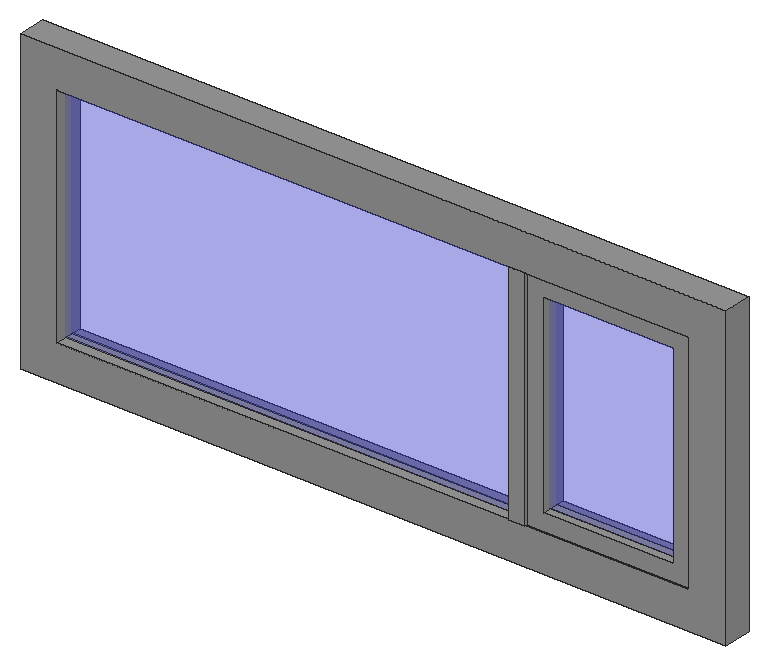
Revit family "Family20", category Windows, host Wall, Revit 2018
Family settings
  Host = Wall
  OmniClass Number = 23.30.20.00
  OmniClass Title = Windows
  Always vertical = Yes
  Cut with Voids When Loaded = No
  Shared = No
  Room Calculation Point = No
Parameters
  Window Frame = White
  Visual Light Transmittance = 0.81
  URL = "www.skywardwindows.co.za"
  Thermal Resistance (R) = 0.3196 (m²·K)/W
  Telephone = "021 276 1800"
  Solar Heat Gain Coefficient = 0.76
  Manufacturer = "Skyward Windows"
  Height = 890 mm
  Heat Transfer Coefficient (U) = 3.1292 W/(m²·K)
  Glass Thickness = 4 mm
  Glass = Glass
  Frame Width = 46.195 mm
  Email Address = "info@skywardwindows.co.za"
  Default Sill Height = 800 mm
  Wall Closure = By host
  Width = 2090 mm
  Company Address = "Charles Matthews Street Atlantis 7349"
  Analytic Construction = "Double glazing - domestic"
Reference planes
  plane 1 "Center (Front/Back)": y = 0
  plane 2 "Center (Left/Right)": x = 0
  plane 3 "Left": x = -1045
  plane 4 "Right": x = 1045
  plane 5 "Sill": z = 800
  plane 6 "Head": z = 1690
  plane 7 "Exterior": y = 100
  plane 8 "Interior": y = -100
Forms (mm)
  Extrusion 1, solid, material "White" <- "Window Frame"
    sketch origin (0, -100, 0) x (1, 0, 0) y (0, 0, 1)
      loop
        line (-1045, 1690) -> (-1045, 800) -> (1045, 800) -> (1045, 1690) -> (-1045, 1690)
      loop
        line (-936, 909) -> (936, 909) -> (936, 1581) -> (-936, 1581) -> (-936, 909)
    from -142 to -58
  Extrusion 2, solid, material "White" <- "Window Frame"
    sketch origin (0, -100, 0) x (1, 0, 0) y (0, 0, 1)
      loop
        line (450, 1581) -> (450, 909) -> (936, 909) -> (936, 1581) -> (450, 1581)
      loop
        line (500, 1531) -> (500, 959) -> (886, 959) -> (886, 1531) -> (500, 1531)
    from -134.904 to -64.489
  Extrusion 3, solid, material "White" <- "Window Frame"
    sketch origin (150, -100, 0) x (1, 0, 0) y (0, 0, 1)
      loop
        line (300, 1581) -> (253.805, 1581) -> (253.805, 909) -> (300, 909) -> (300, 1581)
    from -142 to -58
  Extrusion 4, solid, material "Glass" <- "Glass"
    sketch origin (0, 0, 0) x (1, 0, 0) y (0, 1, 0)
      loop
        line (-936, 14) -> (-936, 10) -> (403.805, 10) -> (403.805, 14) -> (-936, 14)
      loop
        line (403.805, -14) -> (403.805, -10) -> (-936, -10) -> (-936, -14) -> (403.805, -14)
    from 909 to 1581
  Extrusion 5, solid, material "Glass" <- "Glass"
    sketch origin (0, 0, 0) x (1, 0, 0) y (0, 1, 0)
      loop
        line (500, 14) -> (500, 10) -> (886, 10) -> (886, 14) -> (500, 14)
      loop
        line (886, -14) -> (886, -10) -> (500, -10) -> (500, -14) -> (886, -14)
    from 959 to 1531
Lines and regions (mm)
  Opening 1
    outline origin (3500, -100, 0) x (1, 0, 0) y (0, 0, 1)
      loop
        line (-2455, 800) -> (-2455, 1690) -> (-4545, 1690) -> (-4545, 800) -> (-2455, 800)
Text (mm)
  text "EXTERIOR" at (-1963.203, 1332.353, 0), in view "Ref. Level"
  text "INTERIOR" at (-1981.466, -818.386, 0), in view "Ref. Level"
  text "Exterior" at (0, 923.751, 2943.296), in view "Right"
  text "Exterior" at (0, 1040.484, 2685.409), in view "Left"
Dimensions and locks
  equal spacing: plane 3 "Left", plane 2 "Center (Left/Right)", plane 4 "Right"
  "Width": plane 3 "Left" to plane 4 "Right"
  "Height": plane 5 "Sill" to plane 6 "Head"
  "Default Sill Height": plane 5 "Sill" to level
  locked: plane 7 "Exterior" to host wall at 0
  locked: plane 8 "Interior" to host wall
  "Glass Thickness": Extrusion 4 to Extrusion 4
  "Glass Thickness": Extrusion 5 to Extrusion 5
  aligned and locked: Extrusion 1 sketch curve to host wall  (x4)
Automatic sketch dimensions
  Opening 1 sketch curve to plane 3 "Left" = 0 mm
  Opening 1 sketch curve to plane 4 "Right" = 0 mm
  Opening 1 sketch curve to plane 5 "Sill" = 0 mm
  Opening 1 sketch curve to plane 6 "Head" = 0 mm
  Extrusion 1 sketch curve to plane 3 "Left" = 109 mm
  plane 4 "Right" to Extrusion 1 sketch curve = 109 mm
  Extrusion 1 sketch curve to plane 5 "Sill" = 109 mm
  plane 6 "Head" to Extrusion 1 sketch curve = 109 mm
  Extrusion 2 sketch curve to plane 5 "Sill" = 109 mm
  Extrusion 2 sketch curve to plane 2 "Center (Left/Right)" = 450 mm
  Extrusion 2 sketch curve to Extrusion 2 sketch curve = 50 mm  (x4)
  plane 4 "Right" to Extrusion 2 sketch curve = 159 mm
  plane 6 "Head" to Extrusion 2 sketch curve = 159 mm
  Extrusion 3 sketch curve to Extrusion 3 sketch curve = 46.195 mm
  Extrusion 3 sketch curve to plane 5 "Sill" = 109 mm
  plane 6 "Head" to Extrusion 3 sketch curve = 109 mm
  Extrusion 3 sketch curve to plane 2 "Center (Left/Right)" = 403.805 mm
  Extrusion 4 sketch curve to host wall = 14 mm
  Extrusion 4 sketch curve to plane 3 "Left" = 109 mm
  Extrusion 4 sketch curve to Extrusion 4 sketch curve = 0 mm  (x2)
  Extrusion 4 sketch curve to plane 2 "Center (Left/Right)" = 403.805 mm
  host wall to Extrusion 4 sketch curve = 10 mm
  Extrusion 4 sketch curve to Extrusion 4 sketch curve = 4 mm  (x2)
  Extrusion 5 sketch curve to host wall = 14 mm
  Extrusion 5 sketch curve to plane 2 "Center (Left/Right)" = 500 mm
  Extrusion 5 sketch curve to Extrusion 5 sketch curve = 0 mm  (x2)
  plane 4 "Right" to Extrusion 5 sketch curve = 159 mm
  host wall to Extrusion 5 sketch curve = 10 mm
  Extrusion 5 sketch curve to Extrusion 5 sketch curve = 4 mm  (x2)
